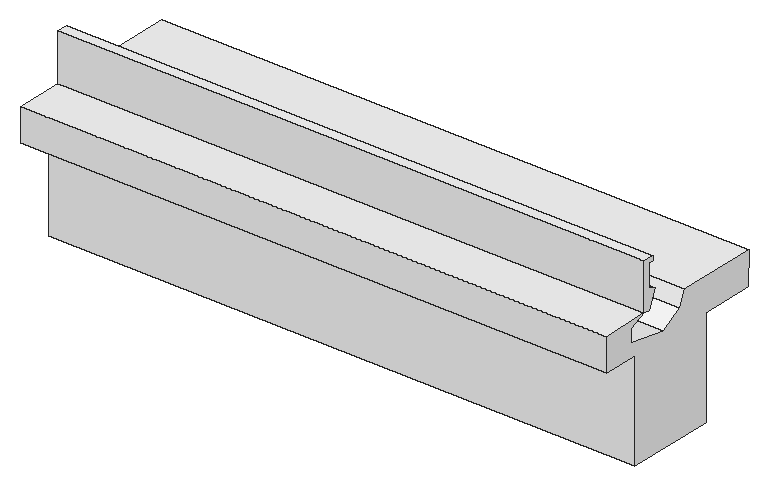
Revit family "Lighting-Recessed-Amerlux-FINO-CLG LED", category Lighting Fixtures, host Face, Revit 2014
Parameters
  Width = 0' - 3 5/8"
  Wattage = 9.2903 W
  built-in parameter 1150110 = 1 (stored number, unit not read)
  Voltage = 0 V
  URL = "http://www.amerlux.com"
  built-in parameter 1114217 = 1 (stored number, unit not read)
  Tilt Angle = -90.00°
  built-in parameter 1150109 = 1 (stored number, unit not read)
  built-in parameter 1150134 = 12
  built-in parameter 1150113 = 1 (stored number, unit not read)
  Power Factor = 1
  Photometric Web File = "generic"
  Number of Poles = 1
  built-in parameter 1150142 = (empty or 0)
  Model = "FINO CLG"
  Manufacturer = "Amerlux"
  built-in parameter 1150105 = 109.82 (stored number, unit not read)
  Lumens = 1380 lm
  built-in parameter 1150115 = 1 (stored number, unit not read)
  built-in parameter 1150137 = (empty or 0)
  built-in parameter 1150139 = (empty or 0)
  Length = 1' - 0"
  built-in parameter 1150112 = 1 (stored number, unit not read)
  built-in parameter 1150114 = 1 (stored number, unit not read)
  Lamp = "LED"
  built-in parameter 1150132 = (empty or 0)
  built-in parameter 1150102 = (empty or 0)
  built-in parameter 1150107 = 4000 (stored number, unit not read)
  built-in parameter 1150138 = (empty or 0)
  built-in parameter 1150106 = 1.0982 (stored number, unit not read)
  Fixture Finish = White
  Emit from Line Length = Length  # 1' - 0"
  built-in parameter 1150104 = 13.8 (stored number, unit not read)
  Dimming Lamp Color Temperature Shift = <None>
  Description = "Ceiling Mount Wall Wash LED"
  Default Elevation = 4' - 0"
  Color Filter = 16777215
  built-in parameter 1114218 = 1 (stored number, unit not read)
  built-in parameter 1150133 = 10 (stored number, unit not read)
  Apparent Load = 0 VA
Reference planes (in)
  plane 1 "Center (Front/Back)": y = 0
  plane 2: z = 0
  plane 3 "Center (Left/Right)": x = 0
  plane 4: x = -6
  plane 5: x = 6
  plane 6: z = 0.125
  plane 7: y = 1.8125
  plane 8: y = -1.8125
Forms (in)
  Extrusion 1, solid, material "White" <- "Fixture Finish"
    sketch origin (0, 0, 0) x (0, 1, 0) y (0, 0, 1)
      loop
        line (-0.84824, 1) -> (-0.84824, 0.03906) -> (-1.8125, 0.03906) -> (-1.8125, -0.63335) -> (-1.09169, -0.63335) -> (-1.09169, -2.64806) -> (0.71657, -2.64806) -> (0.71657, -0.64806) -> (1.8125, -0.64806) -> (1.8125, 0.03451) -> (0.19882, 0.03451) -> (-0.74559, 0.45499) -> (-0.74559, 0.91461) -> (-0.6316, 0.91461) -> (-0.6316, 1) -> (-0.84824, 1)
    from -6 to 6
  Extrusion 2, void
    sketch origin (0, 29.63599, 6.50541) x (0, 1, 0) y (0, 0, 1)
      loop
        line (-29.43717, -6.4709) -> (-30.21725, -6.12358) -> (-30.36986, -6.46635) -> (-30.48423, -6.46635) -> (-30.83556, -6.5956) -> (-30.83556, -6.8456) -> (-29.98803, -7.01034) -> (-29.56711, -6.77702) -> (-29.43717, -6.4709)
    from -6 to 6
Cuts and joins
  Extrusion 2 cuts Extrusion 1
Dimensions and locks (in)
  equal spacing: plane 4, plane 3 "Center (Left/Right)", plane 5
  "Length": plane 4 to plane 5
  equal spacing: plane 7, plane 1 "Center (Front/Back)", plane 8
  "Width": plane 7 to plane 8
  aligned and locked: plane 2 to host face
  aligned and locked: level to host face
  aligned and locked: imposter light to plane 6
  aligned and locked: Extrusion 2 to plane 4
  aligned and locked: plane 5 to Extrusion 2
  aligned and locked: plane 5 to Extrusion 1
  aligned and locked: Extrusion 1 to plane 4
Automatic sketch dimensions
  host sketch curve to host sketch curve = 2' - 6.49556"
  host sketch curve to host sketch curve = 2' - 7.77944"
  Extrusion 1 sketch curve to plane 8 = 0' - 0"
  level to Extrusion 1 sketch curve = 0' - 0 5/128"
  Extrusion 1 sketch curve to plane 7 = 0' - 0"
  Extrusion 1 sketch curve to plane 8 = 0' - 0.72081"
  Extrusion 1 sketch curve to Extrusion 1 sketch curve = 0' - 0.24345"
  Extrusion 1 sketch curve to Extrusion 1 sketch curve = 0' - 0.10265"
  Extrusion 1 sketch curve to Extrusion 1 sketch curve = 0' - 0.11399"
  level to Extrusion 1 sketch curve = 0' - 0.03451"
  Extrusion 1 sketch curve to plane 1 "Center (Front/Back)" = 0' - 0.19882"
  Extrusion 1 sketch curve to plane 1 "Center (Front/Back)" = 0' - 0.71657"
  Extrusion 1 sketch curve to level = 0' - 0.63335"
  Extrusion 1 sketch curve to level = 0' - 0.64806"
  Extrusion 1 sketch curve to Extrusion 1 sketch curve = 0' - 2"
  plane 6 to Extrusion 1 sketch curve = 0' - 0.32999"
  Extrusion 1 sketch curve to Extrusion 1 sketch curve = 0' - 0.45963"
  Extrusion 1 sketch curve to Extrusion 1 sketch curve = 0' - 0.08539"
  Extrusion 2 sketch curve to level = 0' - 0.09019"
  level to Extrusion 2 sketch curve = 0' - 0 5/128"
  Extrusion 2 sketch curve to Extrusion 2 sketch curve = 0' - 0.35133"
  Extrusion 2 sketch curve to Extrusion 2 sketch curve = 0' - 0.11437"
  plane 1 "Center (Front/Back)" to Extrusion 2 sketch curve = 0' - 0.35204"
  Extrusion 2 sketch curve to plane 1 "Center (Front/Back)" = 0' - 0.06888"
  Extrusion 2 sketch curve to level = 0' - 0.27161"
  Extrusion 2 sketch curve to Extrusion 2 sketch curve = 0' - 0 1/4"
  Extrusion 2 sketch curve to Extrusion 2 sketch curve = 0' - 0.23332"
  Extrusion 2 sketch curve to Extrusion 2 sketch curve = 0' - 0.15261"
  plane 6 to Extrusion 2 sketch curve = 0' - 0.25683"
  Extrusion 2 sketch curve to plane 1 "Center (Front/Back)" = 0' - 0.19882"
  level to Extrusion 2 sketch curve = 0' - 0.03451"
Connectors (in)
  electrical at (0, -1.2556, -0.63335), driven by "Number of Poles", driven by "Voltage", driven by "Apparent Load", driven by "Power Factor"
    settings: on cut or joined group of Extrusion 1, Extrusion 2, index 1, voltage 0 V, apparent load 0 VA, apparent load phase1 0 VA, apparent load phase2 0 VA, apparent load phase3 0 VA, power factor 1, load classification "Other", number of poles 1, system type 31, power factor state 1, is connector primary yes, connector utility yes, sub classification motor no, connector description "Power"
